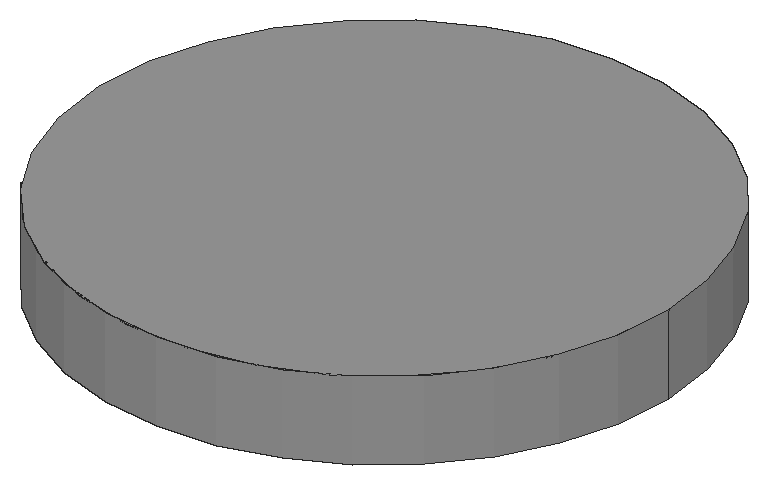
Revit family "SALSA_30W_4000K_2660LM_BLANC", category Lighting Fixtures, host Ceiling, Revit 2021
Family settings
  Host = Ceiling
  Round Connector Dimension = Use Diameter
  Part Type = Normal
  OmniClass Number = 23.80.70.11
  OmniClass Title = Luminaries for Internal Lighting
  Always vertical = Yes
  Cut with Voids When Loaded = No
  Light Source = Yes
  Shared = No
  Room Calculation Point = No
Parameters
  Wattage = 17.9074 W
  built-in parameter 1150110 = 1 (stored number, unit not read)
  Type de lampe = "LED Sanan LM80 Step MacAdam 5"
  Type = "Plafonnier"
  built-in parameter 1114217 = 1 (stored number, unit not read)
  Tilt Angle = 90.00°
  built-in parameter 1150109 = 1 (stored number, unit not read)
  built-in parameter 1150134 = 12
  built-in parameter 1150113 = 1 (stored number, unit not read)
  Puissance nominale = "30W"
  Photometric Web File = "google_eulumdat_converter (26).ies"
  Matériau = "Aluminium"
  Lumens = 2660 lm
  built-in parameter 1150115 = 1 (stored number, unit not read)
  built-in parameter 1150105 = 211.68 (stored number, unit not read)
  built-in parameter 1150137 = (empty or 0)
  built-in parameter 1150139 = (empty or 0)
  built-in parameter 1150112 = 1 (stored number, unit not read)
  built-in parameter 1150114 = 1 (stored number, unit not read)
  built-in parameter 1150132 = 2
  built-in parameter 1150102 = (empty or 0)
  built-in parameter 1150138 = (empty or 0)
  built-in parameter 1150107 = 4000 (stored number, unit not read)
  built-in parameter 1150106 = 2.1168 (stored number, unit not read)
  IRC = ">80"
  Emit from Circle Diameter = 609.60 mm
  Emit Shape Visible in Rendering = no
  built-in parameter 1150104 = 13.8 (stored number, unit not read)
  Durée de vie = "30 000 heures"
  Driver = "Driver Lifud Flicker TUV"
  Dimming Lamp Color Temperature Shift = <None>
  Dimensions = "Ø 300 mm, H = 42 mm"
  Dimension découpe = "Ø 300 mm"
  Default Elevation = 0.00 mm
  Couleur = "Blanc Mat"
  Color Filter = 16777215
  built-in parameter 1114218 = 1 (stored number, unit not read)
  built-in parameter 1150133 = 10 (stored number, unit not read)
  Alimentation Driver = "AC 220-240V"
Reference planes
  plane 1 "Light Source Axis (F/B)": y = 0
  plane 2 "Ceiling": z = 2438.4
  plane 3 "Light Source Axis (L/R)": x = 0
  plane 4 "Light Source Elevation": z = 2336.8
Forms (mm)
  Extrusion 1, solid, material "Metal, Paint Finish, White, Matte"
    sketch origin (0, 0, 2336.8) x (0, -1, 0) y (1, 0, 0)
      loop
        circle (0, 0) r 150
    from 59.6 to 101.6
  Extrusion 2, void
    sketch origin (0, 0, 2336.8) x (0, -1, 0) y (1, 0, 0)
      loop
        circle (0, 0) r 140
    from 41.114 to 96.259
  Extrusion 3, solid, material "Glass, White, High Luminance"
    sketch origin (0, 0, 2336.8) x (0, -1, 0) y (1, 0, 0)
      loop
        circle (0, 0) r 140
    from 62.24 to 70.031
Cuts and joins
  Extrusion 2 cuts Extrusion 1
Lines and regions (mm)
  reference lines
    curve 1: line (0, 0, 2438.4) -> (0, 0, 2396.4)
Dimensions and locks
  equal spacing: host sketch curve, plane 3 "Light Source Axis (L/R)", host sketch curve
  equal spacing: host sketch curve, plane 1 "Light Source Axis (F/B)", host sketch curve
  host sketch curve to host sketch curve = 3048.00 mm  (x2)
  aligned and locked: plane 4 "Light Source Elevation" to imposter light
